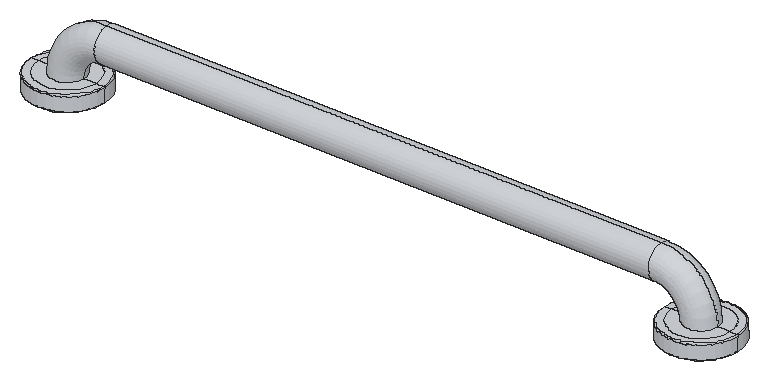
Revit family "Accessory-Grab_Bars-KOHLER-Contemporary-K-14562", category Generic Models, host Face, Revit 2015
Parameters (values of type "S-Polished Stainless")
  Width = 2 13/16"  # constant formula
  URL = "http://www.us.kohler.com/us/"
  Type = 1
  Product Page URL = "http://www.us.kohler.com/onlinecatalog/detail.jsp?prod_num=14562"
  Product Name = "Contemporary"  # constant formula
  Product Documentation Link = "http://www.us.kohler.com/onlinecatalog/pdf/K-14562_spec.pdf"
  Model = if(Type = 1, "K-14562-S", if(Type = 2, "K-14562-BN", if(Type = 3, "K-14562-BS", if(Type = 4, "K-14562-TT", "NA"))))  # "K-14562-S"
  Material = "Premium Metal"  # constant formula
  MasterFormat 2004 = "10.28.13"  # constant formula
  MasterFormat 1995 = "10820"  # constant formula
  Manufacturer Address = "444 Highland Drive, Kohler, WI 53044"  # constant formula
  Manufacturer = "Kohler"  # constant formula
  Length = 26 13/16"  # constant formula
  Height = 2 3/4"  # constant formula
  Finish = Metal-Kohler-S-Polished Stainless
  Description = "Contemporary 24inch grab bar"  # constant formula
  Default Elevation = 42"
  Date Modified = "09/15/2017"  # constant formula
  Date Created = "08/30/2017"  # constant formula
  Copyright = "Copyright by Kohler Co."  # constant formula
  Contact Us = "https://www.us.kohler.com/us/static/contact.jsp"
  Assembly Code = "C1030200"
  ADA Compliant = yes
Types (5): name | Type | Model | Finish
  (no name) | 1 | "K-14562-S" | Metal-Kohler-S-Polished Stainless
  S-Polished Stainless | 1 | "K-14562-S" | Metal-Kohler-S-Polished Stainless
  BN-Vibrant Brushed Nickel | 2 | "K-14562-BN" | Metal-Kohler-BN-Vibrant Brushed Nickel
  BS-Brushed Stainless | 3 | "K-14562-BS" | Metal-Kohler-BS-Brushed Stainless
  TT-Vibrant Titanium | 4 | "K-14562-TT" | Metal-Kohler-TT-Vibrant Titanium
Reference planes (in)
  plane 1 "Center (Front/Back)": y = 0
  plane 2: z = 0
  plane 3 "Center (Left/Right)": x = 0
  plane 4: y = 1.39966
  plane 5: y = -1.41284
  plane 6: x = -13.39869
  plane 7: x = 13.41381
  plane 8: z = 2.75
Dimensions and locks (in)
  "Width": plane 4 to plane 5
  "Length": plane 6 to plane 7
  "Height": plane 8 to plane 2
  aligned and locked: plane 2 to host face
  aligned and locked: level to host face
Automatic sketch dimensions
  host sketch curve to host sketch curve = 96"  (x2)
Nested families (in)
  nested 1: "K-14562" at (0, 0, 0), type "K-14562"
Definition of nested family "K-14562"
  Parameters (values of type "K-14562")
    Material = none
    Half Distance = Center Distance / 2  # 12"
    Center Distance = 24"
  Reference planes (in)
    plane 1 "Center (Front/Back)": y = 0
    plane 2: z = 0
    plane 3 "Center (Left/Right)": x = 0
  Forms (in)
    Revolve 1, solid, material <- "Material"
      sketch origin (0, 0, 0) x (1, 0, 0) y (0, 0, 1)
        loop
          line (-13.4, 0.0787) -> (-13.35114, 0.0787) -> (-13.35114, 0.04795) -> (-13.29399, 0) -> (-12, 0) -> (-12, 0.64356) -> (-12.25994, 0.64356)
          arc (-12.25994, 0.64356) -> (-12.67474, 0.64086) -> (-13.08948, 0.63277) r 31.89824
          line (-13.08948, 0.63277) -> (-13.36245, 0.62567)
          arc (-13.36245, 0.62567) -> (-13.38906, 0.61403) -> (-13.4, 0.58713) r 0.03855
          line (-13.4, 0.58713) -> (-13.4, 0.0787)
        axis (-12, 0.64356) -> (-12, 0)
      angle from 0 to 360
    Revolve 2, solid, material <- "Material"
      sketch origin (0, 0, 0) x (-1, 0, 0) y (0, 0, 1)
        loop
          line (-13.4, 0.0787) -> (-13.35114, 0.0787) -> (-13.35114, 0.04795) -> (-13.29399, 0) -> (-12, 0) -> (-12, 0.64356) -> (-12.25994, 0.64356)
          arc (-12.25994, 0.64356) -> (-12.67474, 0.64086) -> (-13.08948, 0.63277) r 31.89824
          line (-13.08948, 0.63277) -> (-13.36245, 0.62567)
          arc (-13.36245, 0.62567) -> (-13.38906, 0.61403) -> (-13.4, 0.58713) r 0.03855
          line (-13.4, 0.58713) -> (-13.4, 0.0787)
        axis (-12, 0.64356) -> (-12, 0)
      angle from 0 to 360
    Sweep 3, solid, material <- "Material"
      path origin (0, 0, 0) x (1, 0, 0) y (0, 0, 1)
        loop
          line (-12, 0.28461) -> (-12, 0.625)
          arc (-12, 0.625) -> (-11.56066, 1.68566) -> (-10.5, 2.125) r 1.5
          line (-10.5, 2.125) -> (10.5, 2.125)
          arc (10.5, 2.125) -> (11.56066, 1.68566) -> (12, 0.625) r 1.5
          line (12, 0.625) -> (12, 0.375)
      profile origin (-12, 0, 0.28461) x (-1, 0, 0) y (0, -1, 0)
        loop
          circle (0, 0) r 0.625
  Cuts and joins
    joined: Revolve 1, Revolve 2, Sweep 3
  Lines and regions (in)
    Masking region 1
      outline origin (0, 0, 0) x (1, 0, 0) y (0, 0, 1)
        loop
          arc (10.498, 1.49935) -> (11.11131, 1.2492) -> (11.37473, 0.64146) r 0.87694
          line (11.37473, 0.64146) -> (10.63722, 0.62543)
          arc (10.63722, 0.62543) -> (10.61085, 0.61401) -> (10.6, 0.5874) r 0.03804
          line (10.6, 0.5874) -> (10.6, 0.0787) -> (10.64886, 0.0787) -> (10.64886, 0.04795) -> (10.70601, 0) -> (13.29399, 0) -> (13.35114, 0.04795) -> (13.35114, 0.0787) -> (13.4, 0.0787) -> (13.4, 0.58816)
          arc (13.4, 0.58816) -> (13.38913, 0.61478) -> (13.36274, 0.62619) r 0.03804
          line (13.36274, 0.62619) -> (12.62494, 0.64146)
          arc (12.62494, 0.64146) -> (12.0087, 2.13185) -> (10.51883, 2.74935) r 2.10611
          line (10.51883, 2.74935) -> (-10.51883, 2.74935)
          arc (-10.51883, 2.74935) -> (-12.0087, 2.13186) -> (-12.62494, 0.64147) r 2.10611
          line (-12.62494, 0.64147) -> (-13.35686, 0.62869)
          arc (-13.35686, 0.62869) -> (-13.38741, 0.61557) -> (-13.4, 0.5848) r 0.0439
          line (-13.4, 0.5848) -> (-13.4, 0.0787) -> (-13.35114, 0.0787) -> (-13.35114, 0.04795) -> (-13.29399, 0) -> (-10.70601, 0) -> (-10.64886, 0.04795) -> (-10.64886, 0.0787) -> (-10.6, 0.0787) -> (-10.6, 0.5881)
          arc (-10.6, 0.5881) -> (-10.61065, 0.61421) -> (-10.63651, 0.62542) r 0.03733
          line (-10.63651, 0.62542) -> (-11.37473, 0.64147)
          arc (-11.37473, 0.64147) -> (-11.11131, 1.2492) -> (-10.498, 1.49935) r 0.87694
          line (-10.498, 1.49935) -> (10.498, 1.49935)
    Masking region 2
      outline origin (0, 0, 0) x (0, 1, 0) y (0, 0, 1)
        loop
          line (1.35114, 0.0787) -> (1.4, 0.0787) -> (1.4, 0.58569)
          arc (1.4, 0.58569) -> (1.38843, 0.61403) -> (1.36034, 0.62618) r 0.0405
          line (1.36034, 0.62618) -> (0.625, 0.64147) -> (0.625, 2.12565)
          arc (0.625, 2.12565) -> (0, 2.75065) -> (-0.625, 2.12565) r 0.625
          line (-0.625, 2.12565) -> (-0.625, 0.64147) -> (-1.36034, 0.62618)
          arc (-1.36034, 0.62618) -> (-1.38843, 0.61403) -> (-1.4, 0.58569) r 0.0405
          line (-1.4, 0.58569) -> (-1.4, 0.0787) -> (-1.35114, 0.0787) -> (-1.35114, 0.04795) -> (-1.29399, 0) -> (1.29399, 0) -> (1.35114, 0.04795) -> (1.35114, 0.0787)
    Masking region 3
      outline origin (0, 0, 0) x (1, 0, 0) y (0, 1, 0)
        loop
          arc (10.74726, -0.625) -> (13.4, 0) -> (10.74726, 0.625) r 1.4
          line (10.74726, 0.625) -> (-10.74726, 0.625)
          arc (-10.74726, 0.625) -> (-13.4, 0) -> (-10.74726, -0.625) r 1.4
          line (-10.74726, -0.625) -> (10.74726, -0.625)
    symbolic lines, detail levels medium+fine
      curve 1: line (0, 0.625, 0.64147) -> (0, -0.625, 0.64147)
      curve 2: line (0, 1.35114, 0.0787) -> (0, -1.35114, 0.0787)
      curve 3: line (0, 1.35114, 0.04795) -> (0, -1.35114, 0.04795)
      curve 4: arc (-12, -0.625, 0) -> (-12.62503, -0.00531, 0) -> (-12.0107, 0.625, 0) r 0.62505
      curve 5: arc (12, -0.625, 0) -> (12.62503, -0.00531, 0) -> (12.0107, 0.625, 0) r 0.62505
      curve 6: line (-10.74736, 0.625, 0) -> (-12.0107, 0.625, 0)
      curve 7: line (-10.74736, -0.625, 0) -> (-12, -0.625, 0)
      curve 8: line (10.74736, 0.625, 0) -> (12.0107, 0.625, 0)
      curve 9: line (10.74736, -0.625, 0) -> (12, -0.625, 0)
      curve 10: line (-13.35114, 0, 0.0787) -> (-10.64886, 0, 0.0787)
      curve 11: line (-13.35114, 0, 0.04795) -> (-10.64886, 0, 0.04795)
      curve 12: line (10.64886, 0, 0.0787) -> (13.35114, 0, 0.0787)
      curve 13: line (10.64886, 0, 0.04795) -> (13.35114, 0, 0.04795)
      curve 14: line (11.37495, 0, 0.64147) -> (12.62471, 0, 0.64147)
      curve 15: line (-12.62498, 0, 0.64147) -> (-11.3747, 0, 0.64147)
  Dimensions and locks (in)
    "Center Distance": Sweep 3 sketch curve to Sweep 3 sketch curve
    equal spacing: Sweep 3 sketch curve, plane 3 "Center (Left/Right)", Sweep 3 sketch curve
    "Half Distance": Revolve 1 sketch curve to plane 3 "Center (Left/Right)"
    "Half Distance": Revolve 2 sketch curve to plane 3 "Center (Left/Right)"
    "Center Distance": Masking region 3 sketch curve to Masking region 3 sketch curve
    equal spacing: Masking region 3 sketch curve, plane 3 "Center (Left/Right)", Masking region 3 sketch curve
    "Center Distance": curve 4 to curve 5
    equal spacing: curve 4, plane 3 "Center (Left/Right)", curve 5
    aligned and locked: plane 2 to level
    aligned and locked: Masking region 1 sketch curve to cut or joined group of Revolve 1, Revolve 2, Sweep 3  (x18)
    aligned and locked: curve 10 to Masking region 1
    aligned and locked: Masking region 1 to curve 10
    aligned and locked: Masking region 1 to curve 11
    aligned and locked: curve 11 to Masking region 1
    aligned and locked: curve 12 to Masking region 1
    aligned and locked: Masking region 1 to curve 13
    aligned and locked: Masking region 1 to curve 12
    aligned and locked: curve 13 to Masking region 1
    aligned and locked: curve 14 to Masking region 1
    aligned and locked: Masking region 1 to curve 14
    aligned and locked: Masking region 1 to curve 15  (x2)
  Automatic sketch dimensions
    level to curve 3 = 0.04795"
    plane 1 "Center (Front/Back)" to curve 3 = 1.35114"
    curve 2 to curve 3 = 0"  (x2)
    plane 1 "Center (Front/Back)" to curve 1 = 5/8"
    curve 1 to plane 1 "Center (Front/Back)" = 5/8"
    curve 1 to curve 3 = 0.72613"
    curve 3 to curve 2 = 0.03075"
    level to curve 1 = 0.64147"
    plane 1 "Center (Front/Back)" to Sweep 3 sketch curve = 0"
    Sweep 3 sketch curve to profile plane = 0"
    Masking region 2 sketch curve to level = 0"
    Masking region 2 sketch curve to plane 1 "Center (Front/Back)" = 0"
    plane 1 "Center (Front/Back)" to Masking region 2 sketch curve = 5/8"
    Masking region 2 sketch curve to Masking region 2 sketch curve = 0.66899"  (x2)
    level to Masking region 2 sketch curve = 0.04795"  (x2)
    Masking region 2 sketch curve to Masking region 2 sketch curve = 0.05714"  (x2)
    Masking region 2 sketch curve to Masking region 2 sketch curve = 0.00837"  (x2)
    level to Masking region 2 sketch curve = 0.62618"  (x2)
    Masking region 2 sketch curve to Masking region 2 sketch curve = 0.00084"  (x2)
    Masking region 2 sketch curve to Masking region 2 sketch curve = 0.04886"  (x2)
    Masking region 2 sketch curve to Masking region 2 sketch curve = 0.03075"  (x2)
    level to Masking region 2 sketch curve = 0.64147"  (x2)
    Masking region 2 sketch curve to Masking region 2 sketch curve = 1.48418"
    level to Masking region 1 sketch curve = 0.62869"
    Masking region 1 sketch curve to Masking region 1 sketch curve = 0.04314"
    Masking region 1 sketch curve to Masking region 1 sketch curve = 0.0439"
    level to Masking region 1 sketch curve = 0.64147"  (x2)
    Masking region 1 sketch curve to Masking region 1 sketch curve = 0.73192"
    Masking region 1 sketch curve to Masking region 1 sketch curve = 0.77473"
    Masking region 1 sketch curve to Masking region 1 sketch curve = 0.03733"
    level to Masking region 1 sketch curve = 0.62542"
    Masking region 1 sketch curve to Masking region 1 sketch curve = 0.00081"
    Masking region 1 sketch curve to Masking region 1 sketch curve = 0.08117"
    Masking region 1 sketch curve to Masking region 1 sketch curve = 0.02084"  (x2)
    Masking region 1 sketch curve to Masking region 1 sketch curve = 0.102"
    level to Masking region 1 sketch curve = 0.62543"
    Masking region 1 sketch curve to Masking region 1 sketch curve = 0.03722"
    Masking region 1 sketch curve to Masking region 1 sketch curve = 0.00083"
    level to Masking region 1 sketch curve = 0.64146"  (x2)
    Masking region 1 sketch curve to Masking region 1 sketch curve = 0.73751"
    Masking region 1 sketch curve to Masking region 1 sketch curve = 0.77506"
    Masking region 1 sketch curve to Masking region 1 sketch curve = 0.05714"
    Masking region 1 sketch curve to Masking region 1 sketch curve = 0.03804"
    level to Masking region 1 sketch curve = 0.62619"
    Masking region 1 sketch curve to Masking region 1 sketch curve = 0.00079"
    Masking region 1 sketch curve to Masking region 1 sketch curve = 0.03075"  (x3)
    Masking region 1 sketch curve to Masking region 1 sketch curve = 0.03431"
    Masking region 1 sketch curve to Masking region 1 sketch curve = 0.02083"
    level to curve 13 = 0.04795"
    level to curve 11 = 0.04795"
    level to curve 12 = 0.0787"
    level to curve 10 = 0.0787"
    curve 12 to curve 14 = 0.56277"
    curve 11 to curve 15 = 0.59352"
    curve 6 to curve 4 = 0.0107"
    curve 5 to curve 8 = 0.0107"
    plane 1 "Center (Front/Back)" to curve 7 = 5/8"
    curve 4 to plane 1 "Center (Front/Back)" = 0.00005"
    curve 5 to plane 1 "Center (Front/Back)" = 0.00005"
    curve 8 to plane 1 "Center (Front/Back)" = 5/8"
    curve 4 to curve 6 = 1.26334"
    curve 7 to curve 6 = 0"
    curve 8 to curve 5 = 1.26334"
    curve 9 to curve 8 = 0"
    curve 9 to curve 5 = 0"
    curve 5 to curve 9 = 0"
    plane 1 "Center (Front/Back)" to curve 9 = 5/8"
    Revolve 1 sketch curve to level = 0"  (x2)
    Revolve 1 sketch curve to Revolve 1 sketch curve = 0.25994"
    level to Revolve 1 sketch curve = 0.63277"
    Revolve 1 sketch curve to Revolve 1 sketch curve = 0.82954"
    Revolve 1 sketch curve to Revolve 1 sketch curve = 0.20451"
    level to Revolve 1 sketch curve = 0.04795"
    Revolve 1 sketch curve to Revolve 1 sketch curve = 0.05714"
    Revolve 1 sketch curve to Revolve 1 sketch curve = 0.27197"
    level to Revolve 1 sketch curve = 0.62567"
    Revolve 1 sketch curve to Revolve 1 sketch curve = 0.001"
    Revolve 1 sketch curve to Revolve 1 sketch curve = 0.04886"
    Revolve 1 sketch curve to level = 31.25469"
    Revolve 1 sketch curve to Revolve 1 sketch curve = 0.03075"
    Revolve 1 sketch curve to Revolve 1 sketch curve = 0"
    Revolve 1 sketch curve to Revolve 1 sketch curve = 0.63566"
    Revolve 2 sketch curve to level = 0"  (x2)
    Revolve 2 sketch curve to Revolve 2 sketch curve = 0.25994"
    Revolve 2 sketch curve to level = 0.63277"
    Revolve 2 sketch curve to Revolve 2 sketch curve = 0.82954"
    Revolve 2 sketch curve to Revolve 2 sketch curve = 0.20451"
    Revolve 2 sketch curve to level = 0.04795"
    Revolve 2 sketch curve to Revolve 2 sketch curve = 0.05714"
    Revolve 2 sketch curve to Revolve 2 sketch curve = 0.27197"
    Revolve 2 sketch curve to level = 0.62567"
    Revolve 2 sketch curve to Revolve 2 sketch curve = 0.001"
    Revolve 2 sketch curve to Revolve 2 sketch curve = 0.04886"
    level to Revolve 2 sketch curve = 31.25469"
    Revolve 2 sketch curve to Revolve 2 sketch curve = 0.03075"
    Revolve 2 sketch curve to Revolve 2 sketch curve = 0"
    level to Revolve 2 sketch curve = 0.63566"
    level to Sweep 3 sketch curve = 5/8"  (x2)
    Sweep 3 sketch curve to Sweep 3 sketch curve = 1 1/2"
    Sweep 3 sketch curve to Sweep 3 sketch curve = 1/4"
    level to Sweep 3 sketch curve = 0.28461"
    plane 1 "Center (Front/Back)" to Masking region 3 sketch curve = 0"  (x2)
    Masking region 3 sketch curve to plane 1 "Center (Front/Back)" = 5/8"
    Masking region 3 sketch curve to Masking region 3 sketch curve = 1.25274"  (x2)
    plane 1 "Center (Front/Back)" to Masking region 3 sketch curve = 5/8"
    radius of Sweep 3 sketch curve = 5/8"
